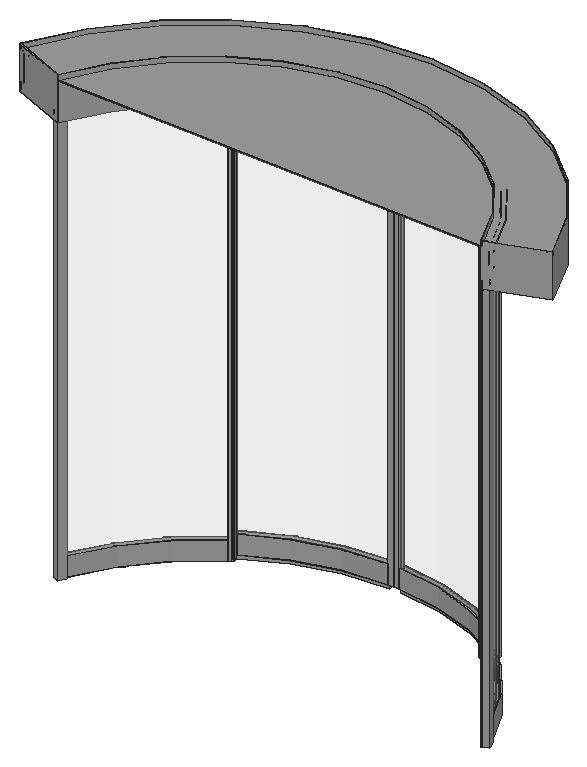
Revit family "agtatec_Record_SldngDrset_RST-ABST-IBST_Wall Based", category Doors, host Wall, Revit 2015 (continued)
Definition of nested family "RST - Generic"
  Automatic sketch dimensions
    Revolve 15 sketch curve to plane 13 "Passage Height" = 0.00 mm  (x2)
    Revolve 15 sketch curve to plane 4 = 0.00 mm
    plane 13 "Passage Height" to Revolve 15 sketch curve = 2.00 mm
    Revolve 15 sketch curve to plane 4 = 91.80 mm
    Revolve 15 sketch curve to plane 4 = 54.318 mm
    Revolve 15 sketch curve to plane 4 = 54.30 mm
    Revolve 15 sketch curve to Revolve 15 sketch curve = 17.012 mm
    Revolve 15 sketch curve to Revolve 15 sketch curve = 16.994 mm
    Revolve 15 sketch curve to Revolve 15 sketch curve = 0.025 mm
    Revolve 15 sketch curve to plane 4 = 37.00 mm
    Revolve 15 sketch curve to Revolve 15 sketch curve = 4.00 mm  (x2)
    Revolve 15 sketch curve to Revolve 15 sketch curve = 4.506 mm
    Revolve 15 sketch curve to Revolve 15 sketch curve = 2.184 mm
    Revolve 15 sketch curve to Revolve 15 sketch curve = 3.00 mm  (x2)
    Revolve 15 sketch curve to plane 4 = 2.00 mm  (x2)
    plane 13 "Passage Height" to Revolve 15 sketch curve = 26.00 mm
    Revolve 15 sketch curve to Revolve 15 sketch curve = 18.00 mm
    Revolve 15 sketch curve to Revolve 15 sketch curve = 0.705 mm
    Revolve 15 sketch curve to Revolve 15 sketch curve = 6.00 mm
    Revolve 15 sketch curve to Revolve 15 sketch curve = 14.487 mm
    Revolve 15 sketch curve to Revolve 15 sketch curve = 42.323 mm
    Revolve 15 sketch curve to Revolve 15 sketch curve = 8.49 mm
    Revolve 15 sketch curve to Revolve 15 sketch curve = 5.974 mm  (x2)
    Revolve 15 sketch curve to Revolve 15 sketch curve = 18.474 mm
    Revolve 15 sketch curve to Revolve 15 sketch curve = 0.00 mm
    plane 1 "Center (Front/Back)" to Sweep 16 sketch curve = 0.00 mm
    Sweep 16 sketch curve to profile plane = 0.00 mm  (x2)
    profile plane to Sweep 16 sketch curve = 2.00 mm  (x2)
    Sweep 16 sketch curve to Sweep 16 sketch curve = 23.80 mm
    profile plane to Sweep 16 sketch curve = 50.00 mm
    plane 1 "Center (Front/Back)" to Extrusion 33 sketch curve = 0.00 mm
    Extrusion 33 sketch curve to plane 3 "Center (Left/Right)" = 0.00 mm
  Nested families
    nested 1: "Panels" at (0, 0, 0), type "Default"
      with RightProfile30mm no, RightProfile20mm no, Right no, LeftProfile30mm yes, LeftProfile20mm no, Left yes
    nested 2: "Panels" at (0, 0, 0) x (-1, 0, 0) z (0, 0, 1), type "Default"
      with RightProfile30mm yes, RightProfile20mm no, Right yes, LeftProfile30mm no, LeftProfile20mm no, Left no
    nested 3: "Panels" at (0, 0, 0), visible <- "RST360", type "Default"
      with RightProfile30mm no, RightProfile20mm no, Right no, LeftProfile30mm yes, LeftProfile20mm no, Left yes
    nested 4: "Panels" at (0, 0, 0) x (-1, 0, 0) z (0, 0, 1), visible <- "RST360", type "Default"
      with RightProfile30mm yes, RightProfile20mm no, Right yes, LeftProfile30mm no, LeftProfile20mm no, Left no
  Definition of nested family "Panels"
    Parameters
      WithoutSidePanels = not(WithSidePanels)  # no
      WithSidePanels = yes
      WTF = W + StopAngle  # 34.6706°
      W = 32.9207°
      UnderStructure = yes
      StopAngle = if(Panel20mm, (atan(20.00 mm / SidePanelRadius)), (atan(30.00 mm / SidePanelRadius)))  # 1.74984°
      SidePanelRadius = if(Panel20mm, (STRadius - 13.00 mm), (STRadius - 18.00 mm))  # 982.00 mm
      SidePanelOutsideProfile30mm = and(Panel30mm, Outside, WithSidePanels)  # yes
      SidePanelOutsideProfile20mm = and(Panel20mm, Outside, WithSidePanels)  # no
      SidePanelInsideProfile30mm = and(Panel30mm, Inside, WithSidePanels)  # no
      SidePanelInsideProfile20mm = and(Panel20mm, Inside, WithSidePanels)  # no
      SidePanelCentralProfiles30mm = and(Panel30mm, WithSidePanels)  # yes
      SidePanelCentralProfiles20mm = and(Panel20mm, WithSidePanels)  # no
      SidePanelAngle = SW - (if(Panel20mm, (atan(25.00 mm / SidePanelRadius)), (atan(40.00 mm / SidePanelRadius)))) - StopAngle  # 33.3321°
      SW = 37.4145°
      STRadius = 1000.00 mm
      RightProfile30mm [instance] = and(Panel30mm, Right)  # no
      RightProfile20mm [instance] = and(Panel20mm, Right)  # no
      Right [instance] = no
      PassageHeight = 2100.00 mm
      PanelFrames = none
      Panel30mm = not(Panel20mm)  # yes
      Panel20mm = no
      OutsideProfile30mm = and(Panel30mm, Outside)  # yes
      OutsideProfile20mm = and(Panel20mm, Outside)  # no
      OutsideMountingProfile17mm = and(WithoutSidePanels, Outside, MountingProfile17mm)  # no
      Outside = yes
      OpeningRotationAngle = if(OpenDoor, (W - JointAngle), JointAngle)  # 1.54965°
      OpenablePanelRadius = if(and(Inside, Panel20mm), (STRadius - 53.00 mm), if(and(Inside, Panel30mm), (STRadius - 68.00 mm), if(and(Outside, Panel20mm), (STRadius + 30.00 mm), if(and(Outside, Panel30mm), (STRadius + 35.00 mm), 1200.00 mm))))  # 1035.00 mm
      OpenablePanelAngle = W - JointAngle  # 31.3711°
      OpenDoor = no
      MountingProfile39mm = not(MountingProfile17mm)  # no
      MountingProfile17mm = yes
      LeftProfile30mm [instance] = and(Panel30mm, Left)  # yes
      LeftProfile20mm [instance] = and(Panel20mm, Left)  # no
      Left [instance] = yes
      LeafPanelFill = none
      JointAngle = if(Panel20mm, (atan(17.00 mm / OpenablePanelRadius)), (atan(28.00 mm / OpenablePanelRadius)))  # 1.54965°
      InsideProfile30mm = and(Panel30mm, Inside)  # no
      InsideProfile20mm = and(Panel20mm, Inside)  # no
      InsideMountingProfile39mm = and(WithoutSidePanels, Inside, MountingProfile39mm)  # no
      InsideMountingProfile17mm = and(WithoutSidePanels, Inside, MountingProfile17mm)  # no
      Inside = not(Outside)  # no
      FloorGuide = no
      FloorChannel = no
      Analytic Construction = "<None>"
    Reference planes
      plane 1 "Center (Front/Back)": y = 0
      plane 2: z = 0
      plane 3 "Center (Left/Right)": x = 0
      plane 4 "Top Plane": z = 2100
      plane 5: z = 2150
      plane 6 "T": z = 5
    Forms (mm)
      Sweep 1, solid, material <- "PanelFrames", visible <- "Panel20mm"
        path origin (0, 0, 0) x (1, 0, 0) y (0, 1, 0)
          loop
            arc (-27.99, 1034.621) -> (-306.665, 988.525) -> (-562.5, 868.803) r 1035
        profile origin (-306.665, 988.525, 0) x (0.296295, -0.955097, 0) y (0, 0, 1)
          loop
            line (7, 29) -> (7, 5) -> (10, 5) -> (10, 78) -> (7, 78) -> (7, 44) -> (-7, 44) -> (-7, 78) -> (-10, 78) -> (-10, 5) -> (-7, 5) -> (-7, 29) -> (-4.35, 29) -> (-4.35, 40) -> (4.35, 40) -> (4.35, 29) -> (7, 29)
          loop
            line (6.825, 28.6) -> (-6.825, 28.6) -> (-6.825, -16.4) -> (6.825, -16.4) -> (6.825, 28.6)
      Sweep 2, solid, material <- "PanelFrames", visible <- "Panel20mm"
        path origin (0, 0, 2100) x (-1, 0, 0) y (0, -1, 0)
          loop
            arc (27.99, -1034.621) -> (306.665, -988.525) -> (562.5, -868.803) r 1035
        profile origin (-306.665, 988.525, 2100) x (0.296295, -0.955097, 0) y (0, 0, 1)
          loop
            line (6.5, 34) -> (6.5, 0) -> (10, 0) -> (10, 50) -> (4.35, 50) -> (4.35, 38) -> (-4.35, 38) -> (-4.35, 50) -> (-10, 50) -> (-10, 0) -> (-6.5, 0) -> (-6.5, 34) -> (6.5, 34)
      Sweep 3, solid, material <- "PanelFrames", visible <- "OutsideProfile20mm"
        path origin (-562.5, 868.803, 0) x (0, 0, 1) y (0.839423, 0.543478, 0)
          loop
            line (5, 0) -> (2150, 0)
        profile origin (-562.5, 868.803, 1077.5) x (0.839423, 0.543478, 0) y (-0.543478, 0.839423, 0)
          loop
            line (-7, -7) -> (-7, 7) -> (0, 7) -> (0, 10) -> (-20, 10) -> (-20, -7) -> (-21.945, -22.264)
            arc (-21.945, -22.264) -> (-21.14, -23.363) -> (-20.001, -22.618) r 0.99
            line (-20.001, -22.618) -> (-17.65, -12.7) -> (-14.95, -12.7) -> (-14.95, -10) -> (0, -10) -> (0, -7) -> (-7, -7)
      Sweep 4, solid, material <- "PanelFrames", visible <- "LeftProfile20mm"
        path origin (-27.99, 1034.621, 0) x (-0.027043, 0.999634, 0) y (0, 0, 1)
          loop
            line (0, 5) -> (0, 2150)
        profile origin (-27.99, 1034.621, 1077.5) x (0.027043, -0.999634, 0) y (0.999634, 0.027043, 0)
          loop
            line (-10, 17) -> (-10, 0) -> (-7, 0) -> (-7, 7) -> (7, 7) -> (7, 0) -> (10, 0) -> (10, 17) -> (3, 17) -> (2.33, 19.5) -> (1.33, 19.5) -> (-0.01, 14.5) -> (-3.51, 14.5) -> (-3.51, 17) -> (-10, 17)
      Sweep 5, solid, material <- "PanelFrames", visible <- "RightProfile20mm"
        path origin (-27.99, 1034.621, 0) x (-0.027043, 0.999634, 0) y (0, 0, 1)
          loop
            line (0, 5) -> (0, 2150)
        profile origin (-27.99, 1034.621, 1077.5) x (0.027043, -0.999634, 0) y (0.999634, 0.027043, 0)
          loop
            line (10, 17) -> (3.51, 17) -> (3.51, 14.5) -> (0.01, 14.5) -> (-1.33, 19.5) -> (-2.33, 19.5) -> (-3, 17) -> (-10, 17) -> (-10, 0) -> (-7, 0) -> (-7, 7) -> (7, 7) -> (7, 0) -> (10, 0) -> (10, 17)
      Sweep 6, solid, material <- "PanelFrames", visible <- "InsideProfile20mm"
        path origin (-562.5, 868.803, 0) x (0, 0, 1) y (0.839423, 0.543478, 0)
          loop
            line (5, 0) -> (2150, 0)
        profile origin (-562.5, 868.803, 1077.5) x (0.839423, 0.543478, 0) y (-0.543478, 0.839423, 0)
          loop
            line (-7, 7) -> (0, 7) -> (0, 10) -> (-14.95, 10) -> (-14.95, 12.7) -> (-17.65, 12.7) -> (-20.001, 22.618)
            arc (-20.001, 22.618) -> (-21.14, 23.363) -> (-21.945, 22.264) r 0.99
            line (-21.945, 22.264) -> (-20, 7) -> (-20, -10) -> (0, -10) -> (0, -7) -> (-7, -7) -> (-7, 7)
      Sweep 7, solid, material <- "PanelFrames", visible <- "Panel30mm"
        path origin (0, 0, 0) x (1, 0, 0) y (0, 1, 0)
          loop
            arc (-27.99, 1034.621) -> (-306.665, 988.525) -> (-562.5, 868.803) r 1035
        profile origin (-306.665, 988.525, 0) x (0.296295, -0.955097, 0) y (0, 0, 1)
          loop
            line (-12, 5) -> (-12, 50) -> (-5, 50) -> (-5, 62) -> (5, 62) -> (5, 50) -> (12, 50) -> (12, 5) -> (15, 5) -> (15, 100) -> (12, 100) -> (12, 67) -> (-12, 67) -> (-12, 100) -> (-15, 100) -> (-15, 5) -> (-12, 5)
          loop
            line (6.825, -16.4) -> (6.825, 28.6) -> (-6.825, 28.6) -> (-6.825, -16.4) -> (6.825, -16.4)
      Sweep 8, solid, material <- "PanelFrames", visible <- "Panel30mm"
        path origin (0, 0, 2100) x (-1, 0, 0) y (0, -1, 0)
          loop
            arc (27.99, -1034.621) -> (306.665, -988.525) -> (562.5, -868.803) r 1035
        profile origin (-306.665, 988.525, 2100) x (0.296295, -0.955097, 0) y (0, 0, 1)
          loop
            line (-12, 33) -> (12, 33) -> (12, 0) -> (15, 0) -> (15, 50) -> (4.5, 50) -> (4.5, 37) -> (-4.5, 37) -> (-4.5, 50) -> (-15, 50) -> (-15, 0) -> (-12, 0) -> (-12, 33)
      Sweep 9, solid, material <- "PanelFrames", visible <- "RightProfile30mm"
        path origin (-27.99, 1034.621, 0) x (-0.027043, 0.999634, 0) y (0, 0, 1)
          loop
            line (0, 5) -> (0, 2150)
        profile origin (-27.99, 1034.621, 1077.5) x (0.027043, -0.999634, 0) y (0.999634, 0.027043, 0)
          loop
            line (-15, 0) -> (-12, 0) -> (-12, 15) -> (12, 15) -> (12, 0) -> (15, 0) -> (15, 28) -> (7.56, 28) -> (6.16, 25) -> (0.5, 25) -> (-2.3, 31) -> (-3.6, 31) -> (-5, 28) -> (-15, 28) -> (-15, 0)
      Sweep 10, solid, material <- "PanelFrames", visible <- "LeftProfile30mm"
        path origin (-27.99, 1034.621, 0) x (-0.027043, 0.999634, 0) y (0, 0, 1)
          loop
            line (0, 5) -> (0, 2150)
        profile origin (-27.99, 1034.621, 1077.5) x (0.027043, -0.999634, 0) y (0.999634, 0.027043, 0)
          loop
            line (-15, 0) -> (-12, 0) -> (-12, 15) -> (12, 15) -> (12, 0) -> (15, 0) -> (15, 28) -> (5, 28) -> (3.6, 31) -> (2.3, 31) -> (-0.5, 25) -> (-6.16, 25) -> (-7.56, 28) -> (-15, 28) -> (-15, 0)
      Sweep 11, solid, material <- "LeafPanelFill", visible <- "Panel20mm"
        path origin (0, 0, 0) x (1, 0, 0) y (0, 1, 0)
          loop
            arc (-22.991, 1034.745) -> (-306.665, 988.525) -> (-566.691, 866.076) r 1035
        profile origin (-306.665, 988.525, 0) x (0.296295, -0.955097, 0) y (0, 0, 1)
          loop
            line (-5, 52) -> (5, 52) -> (5, 2126) -> (-5, 2126) -> (-5, 52)
      Sweep 12, solid, material <- "LeafPanelFill", visible <- "Panel30mm"
        path origin (0, 0, 0) x (1, 0, 0) y (0, 1, 0)
          loop
            arc (-14.992, 1034.891) -> (-306.665, 988.525) -> (-573.368, 861.669) r 1035
        profile origin (-306.665, 988.525, 0) x (0.296295, -0.955097, 0) y (0, 0, 1)
          loop
            line (4, 75) -> (10, 75) -> (10, 2125) -> (4, 2125) -> (4, 75)
          loop
            line (-4, 75) -> (-4, 2125) -> (-10, 2125) -> (-10, 75) -> (-4, 75)
      Sweep 13, solid, material <- "PanelFrames", visible <- "InsideProfile30mm"
        path origin (-562.5, 868.803, 0) x (0, 0, 1) y (-0.543478, 0.839423, 0)
          loop
            line (5, 0) -> (2150, 0)
        profile origin (-562.5, 868.803, 1077.5) x (-0.543478, 0.839423, 0) y (-0.839423, -0.543478, 0)
          loop
            line (15, 0) -> (15, 25) -> (26, 25)
            arc (26, 25) -> (26.961, 25.901) -> (26.123, 26.918) r 0.963
            line (26.123, 26.918) -> (15, 28.35) -> (15, 30) -> (-15, 30) -> (-15, 0) -> (-12, 0) -> (-12, 15) -> (12, 15) -> (12, 0) -> (15, 0)
      Sweep 14, solid, material <- "PanelFrames", visible <- "OutsideProfile30mm"
        path origin (-562.5, 868.803, 0) x (0, 0, 1) y (-0.543478, 0.839423, 0)
          loop
            line (5, 0) -> (2144, 0)
        profile origin (-562.5, 868.803, 1074.5) x (-0.543478, 0.839423, 0) y (-0.839423, -0.543478, 0)
          loop
            line (-15, 0) -> (-12, 0) -> (-12, 15) -> (12, 15) -> (12, 0) -> (15, 0) -> (15, 30) -> (-15, 30) -> (-15, 28.35) -> (-26.123, 26.918)
            arc (-26.123, 26.918) -> (-26.961, 25.901) -> (-26, 25) r 0.963
            line (-26, 25) -> (-15, 25) -> (-15, 0)
      Sweep 15, solid, material <- "PanelFrames", visible <- "SidePanelCentralProfiles20mm"
        path origin (0, 0, 0) x (0, 1, 0) y (-1, 0, 0)
          loop
            arc (807.632, 558.618) -> (613.498, 766.775) -> (367.821, 910.512) r 982
        profile origin (-766.775, 613.498, 0) x (0.78083, -0.624743, 0) y (0, 0, 1)
          loop
            line (7, 29) -> (7, 5) -> (10, 5) -> (10, 78) -> (7, 78) -> (7, 44) -> (-7, 44) -> (-7, 78) -> (-10, 78) -> (-10, 5) -> (-7, 5) -> (-7, 29) -> (-4.35, 29) -> (-4.35, 40) -> (4.35, 40) -> (4.35, 29) -> (7, 29)
      Sweep 16, solid, material <- "PanelFrames", visible <- "SidePanelCentralProfiles20mm"
        path origin (0, 0, 2100) x (0, -1, 0) y (1, 0, 0)
          loop
            arc (-807.632, -558.618) -> (-613.498, -766.775) -> (-367.821, -910.512) r 982
        profile origin (-766.775, 613.498, 2100) x (0.78083, -0.624743, 0) y (0, 0, 1)
          loop
            line (6.5, 28) -> (6.5, 0) -> (10, 0) -> (10, 44) -> (4.35, 44) -> (4.35, 32) -> (-4.35, 32) -> (-4.35, 44) -> (-10, 44) -> (-10, 0) -> (-6.5, 0) -> (-6.5, 28) -> (6.5, 28)
      Sweep 17, solid, material <- "PanelFrames", visible <- "SidePanelCentralProfiles20mm"
        path origin (-910.512, 367.821, 0) x (0, 0, 1) y (0.374563, 0.927202, 0)
          loop
            line (5, 0) -> (2144, 0)
        profile origin (-910.512, 367.821, 1074.5) x (0.374563, 0.927202, 0) y (-0.927202, 0.374563, 0)
          loop
            line (-7, -7) -> (-7, 7) -> (0, 7) -> (0, 10) -> (-15, 10) -> (-15, 5) -> (-9, 5) -> (-9, -5) -> (-15, -5) -> (-15, -10) -> (0, -10) -> (0, -7) -> (-7, -7)
      Sweep 18, solid, material <- "PanelFrames", visible <- "SidePanelCentralProfiles20mm"
        path origin (-558.618, 807.632, 0) x (-0.568857, 0.822436, 0) y (0, 0, 1)
          loop
            line (0, 5) -> (0, 2144)
        profile origin (-558.618, 807.632, 1074.5) x (0.568857, -0.822436, 0) y (0.822436, 0.568857, 0)
          loop
            line (-10, 15) -> (-10, 0) -> (-7, 0) -> (-7, 7) -> (7, 7) -> (7, 0) -> (10, 0) -> (10, 15) -> (5, 15) -> (5, 9) -> (-5, 9) -> (-5, 15) -> (-10, 15)
      Sweep 19, solid, material <- "PanelFrames", visible <- "SidePanelInsideProfile20mm"
        path origin (-558.618, 807.632, 0) x (-0.568857, 0.822436, 0) y (0, 0, 1)
          loop
            line (0, 5) -> (0, 2144)
        profile origin (-558.618, 807.632, 1074.5) x (0.568857, -0.822436, 0) y (0.822436, 0.568857, 0)
          loop
            line (10, 15) -> (10, 0) -> (11.7, 0) -> (11.7, 2) -> (19.358, 1) -> (27, 2) -> (27, 20) -> (-10, 20) -> (-10, 15) -> (10, 15)
      Sweep 20, solid, material <- "PanelFrames", visible <- "SidePanelCentralProfiles20mm"
        path origin (-910.512, 367.821, 0) x (0, 0, 1) y (0.374563, 0.927202, 0)
          loop
            line (0, 0) -> (2100, 0)
        profile origin (-910.512, 367.821, 1050) x (0.374563, 0.927202, 0) y (-0.927202, 0.374563, 0)
          loop
            line (-25, 12.5) -> (-25, -12.5) -> (0, -12.5) -> (0, -10.5) -> (-23, -10.5) -> (-23, 10.5) -> (0, 10.5) -> (0, 12.5) -> (-25, 12.5)
      Sweep 21, solid, material <- "LeafPanelFill", visible <- "SidePanelCentralProfiles20mm"
        path origin (0, 0, 0) x (0, 1, 0) y (-1, 0, 0)
          loop
            arc (810.466, 554.498) -> (613.498, 766.775) -> (363.18, 912.373) r 982
        profile origin (-766.775, 613.498, 0) x (0.78083, -0.624743, 0) y (0, 0, 1)
          loop
            line (-5, 52) -> (5, 52) -> (5, 2126) -> (-5, 2126) -> (-5, 52)
      Sweep 22, solid, material <- "PanelFrames", visible <- "SidePanelOutsideProfile20mm"
        path origin (-558.618, 807.632, 0) x (-0.568857, 0.822436, 0) y (0, 0, 1)
          loop
            line (0, 5) -> (0, 2144)
        profile origin (-558.618, 807.632, 1074.5) x (0.568857, -0.822436, 0) y (0.822436, 0.568857, 0)
          loop
            line (-10, 15) -> (10, 15) -> (10, 20) -> (-27, 20) -> (-27, 2) -> (-19.358, 1) -> (-11.7, 2) -> (-11.7, 0) -> (-10, 0) -> (-10, 15)
      Sweep 23, solid, material <- "PanelFrames", visible <- "SidePanelCentralProfiles30mm"
        path origin (0, 0, 0) x (0, 1, 0) y (-1, 0, 0)
          loop
            arc (807.632, 558.618) -> (613.498, 766.775) -> (367.821, 910.512) r 982
        profile origin (-766.775, 613.498, 0) x (0.78083, -0.624743, 0) y (0, 0, 1)
          loop
            line (12, 50) -> (12, 5) -> (15, 5) -> (15, 100) -> (12, 100) -> (12, 67) -> (-12, 67) -> (-12, 100) -> (-15, 100) -> (-15, 5) -> (-12, 5) -> (-12, 50) -> (-4.35, 50) -> (-4.35, 62) -> (4.35, 62) -> (4.35, 50) -> (12, 50)
      Sweep 24, solid, material <- "PanelFrames", visible <- "SidePanelCentralProfiles30mm"
        path origin (0, 0, 2100) x (0, -1, 0) y (1, 0, 0)
          loop
            arc (-807.632, -558.618) -> (-613.498, -766.775) -> (-367.821, -910.512) r 982
        profile origin (-766.775, 613.498, 2100) x (0.78083, -0.624743, 0) y (0, 0, 1)
          loop
            line (12, 27) -> (12, 0) -> (15, 0) -> (15, 44) -> (4.5, 44) -> (4.5, 32) -> (-4.5, 32) -> (-4.5, 44) -> (-15, 44) -> (-15, 0) -> (-12, 0) -> (-12, 27) -> (12, 27)
      Sweep 25, solid, material <- "PanelFrames", visible <- "SidePanelCentralProfiles30mm"
        path origin (-910.512, 367.821, 5) x (0, 0, 1) y (0.374563, 0.927202, 0)
          loop
            line (0, 0) -> (2139, 0)
        profile origin (-910.512, 367.821, 1074.5) x (0.374563, 0.927202, 0) y (-0.927202, 0.374563, 0)
          loop
            line (-15, -12) -> (-15, 12) -> (0, 12) -> (0, 15) -> (-25, 15) -> (-25, 8) -> (-18, 8) -> (-18, -8) -> (-25, -8) -> (-25, -15) -> (0, -15) -> (0, -12) -> (-15, -12)
      Sweep 26, solid, material <- "PanelFrames", visible <- "SidePanelCentralProfiles30mm"
        path origin (-558.618, 807.632, 0) x (-0.568857, 0.822436, 0) y (0, 0, 1)
          loop
            line (0, 5) -> (0, 2144)
        profile origin (-558.618, 807.632, 1074.5) x (0.568857, -0.822436, 0) y (0.822436, 0.568857, 0)
          loop
            line (-15, 25) -> (-15, 0) -> (-12, 0) -> (-12, 15) -> (12, 15) -> (12, 0) -> (15, 0) -> (15, 25) -> (8, 25) -> (8, 18) -> (-8, 18) -> (-8, 25) -> (-15, 25)
      Sweep 27, solid, material <- "PanelFrames", visible <- "SidePanelInsideProfile30mm"
        path origin (-558.618, 807.632, 0) x (-0.568857, 0.822436, 0) y (0, 0, 1)
          loop
            line (0, 5) -> (0, 2144)
        profile origin (-558.618, 807.632, 1074.5) x (0.568857, -0.822436, 0) y (0.822436, 0.568857, 0)
          loop
            line (15, 25) -> (15, 0) -> (16.75, 0) -> (16.75, 5.001) -> (32, 5.143) -> (32, 30) -> (-15, 30) -> (-15, 25) -> (15, 25)
      Sweep 28, solid, material <- "PanelFrames", visible <- "SidePanelCentralProfiles30mm"
        path origin (-910.512, 367.821, 5) x (0, 0, 1) y (0.374563, 0.927202, 0)
          loop
            line (-5, 0) -> (2095, 0)
        profile origin (-910.512, 367.821, 1050) x (0.374563, 0.927202, 0) y (-0.927202, 0.374563, 0)
          loop
            line (-40, 17.85) -> (-40, -20.15) -> (0, -20.15) -> (0, -17.15) -> (-37, -17.15) -> (-37, 15.85) -> (0, 15.85) -> (0, 17.85) -> (-40, 17.85)
      Sweep 29, solid, material <- "LeafPanelFill", visible <- "SidePanelCentralProfiles30mm"
        path origin (0, 0, 0) x (0, 1, 0) y (-1, 0, 0)
          loop
            arc (810.466, 554.498) -> (613.498, 766.775) -> (363.18, 912.373) r 982
        profile origin (-766.775, 613.498, 0) x (0.78083, -0.624743, 0) y (0, 0, 1)
          loop
            line (-9, 75) -> (-4, 75) -> (-4, 2125) -> (-9, 2125) -> (-9, 75)
          loop
            line (4, 75) -> (9, 75) -> (9, 2125) -> (4, 2125) -> (4, 75)
      Sweep 30, solid, material <- "PanelFrames", visible <- "SidePanelOutsideProfile30mm"
        path origin (-558.618, 807.632, 0) x (-0.568857, 0.822436, 0) y (0, 0, 1)
          loop
            line (0, 5) -> (0, 2144)
        profile origin (-558.618, 807.632, 1074.5) x (0.568857, -0.822436, 0) y (0.822436, 0.568857, 0)
          loop
            line (-15, 25) -> (15, 25) -> (15, 30) -> (-32, 30) -> (-32, 4.546) -> (-16.75, 4.688) -> (-16.75, 0) -> (-15, 0) -> (-15, 25)
      Sweep 31, solid, material <- "PanelFrames", visible <- "InsideMountingProfile17mm"
        path origin (-558.618, 807.632, 0) x (-0.568857, 0.822436, 0) y (0, 0, 1)
          loop
            line (0, 0) -> (0, 2100)
        profile origin (-558.618, 807.632, 1050) x (0.568857, -0.822436, 0) y (0.822436, 0.568857, 0)
          loop
            line (19.358, 1) -> (27, 2) -> (27, 20) -> (10, 20) -> (10, -20) -> (11.7, -20) -> (11.7, 2) -> (19.358, 1)
      Sweep 32, solid, material <- "PanelFrames", visible <- "OutsideMountingProfile17mm"
        path origin (-558.618, 807.632, 0) x (-0.568857, 0.822436, 0) y (0, 0, 1)
          loop
            line (0, 0) -> (0, 2100)
        profile origin (-558.618, 807.632, 1050) x (0.568857, -0.822436, 0) y (0.822436, 0.568857, 0)
          loop
            line (-19.358, 1) -> (-11.7, 2) -> (-11.7, -20) -> (-10, -20) -> (-10, 20) -> (-27, 20) -> (-27, 2) -> (-19.358, 1)
      Sweep 33, solid, material <- "PanelFrames", visible <- "InsideMountingProfile39mm"
        path origin (-558.618, 807.632, 0) x (-0.568857, 0.822436, 0) y (0, 0, 1)
          loop
            line (0, 0) -> (0, 2100)
        profile origin (-558.618, 807.632, 1050) x (0.568857, -0.822436, 0) y (0.822436, 0.568857, 0)
          loop
            line (19.358, 1) -> (27, 2) -> (27, 20) -> (-12, 20) -> (-12, 14) -> (-10.015, 12.971) -> (-10.015, 0.971) -> (-12, -0.021) -> (-12, -20) -> (-9.3, -20) -> (-9.3, 0) -> (11.7, 0) -> (11.7, 2) -> (19.358, 1)
      Sweep 34, solid, material <- "PanelFrames", visible <- "WithSidePanels"
        path origin (0, 0, 0) x (1, 0, 0) y (0, 1, 0)
          loop
            arc (-558.618, 807.632) -> (-766.775, 613.498) -> (-910.512, 367.821) r 982
        profile origin (-766.775, 613.498, 0) x (0.78083, -0.624743, 0) y (0, 0, 1)
          loop
            line (-10, 0) -> (10, 0) -> (10, 2.5) -> (6, 2.5) -> (6, 25) -> (-6, 25) -> (-6, 2.5) -> (-10, 2.5) -> (-10, 0)
      Sweep 35, solid, material <- "PanelFrames", visible <- "FloorGuide"
        path origin (0, 0, 0) x (1, 0, 0) y (0, 1, 0)
          loop
            arc (-27.99, 1034.621) -> (-306.665, 988.525) -> (-562.5, 868.803) r 1035
        profile origin (-306.665, 988.525, 0) x (0.296295, -0.955097, 0) y (0, 0, 1)
          loop
            line (10, 0) -> (10, 4) -> (6, 4) -> (6, 25) -> (-6, 25) -> (-6, 4) -> (-10, 4) -> (-10, 0) -> (10, 0)
      Sweep 36, solid, material <- "PanelFrames", visible <- "FloorChannel"
        path origin (0, 0, 0) x (1, 0, 0) y (0, 1, 0)
          loop
            arc (0, 1035) -> (-578.785, 858.04) -> (-959.654, 387.673) r 1035
        profile origin (-578.785, 858.04, 0) x (0.559212, -0.829024, 0) y (0, 0, 1)
          loop
            arc (5, -30) -> (7.828, -28.828) -> (9, -26) r 4
            line (9, -26) -> (9, 0) -> (7, 0) -> (7, -26)
            arc (7, -26) -> (6.414, -27.414) -> (5, -28) r 2
            line (5, -28) -> (-5, -28)
            arc (-5, -28) -> (-6.414, -27.414) -> (-7, -26) r 2
            line (-7, -26) -> (-7, 0) -> (-9, 0) -> (-9, -26)
            arc (-9, -26) -> (-7.828, -28.828) -> (-5, -30) r 4
            line (-5, -30) -> (5, -30)
      Sweep 37, solid, material <- "PanelFrames", visible <- "UnderStructure"
        path origin (0, 0, 0) x (1, 0, 0) y (0, 1, 0)
          loop
            arc (0, 1035) -> (-578.785, 858.04) -> (-959.654, 387.673) r 1035
        profile origin (-578.785, 858.04, 0) x (0.559212, -0.829024, 0) y (0, 0, 1)
          loop
            line (7, 0) -> (7, -29)
            arc (7, -29) -> (6.414, -30.414) -> (5, -31) r 2
            line (5, -31) -> (-7, -31) -> (-7, 0) -> (-47, 0) -> (-47, -31) -> (-24, -31) -> (-24, -33) -> (5, -33)
            arc (5, -33) -> (7.828, -31.828) -> (9, -29) r 4
            line (9, -29) -> (9, 0) -> (7, 0)
    Lines and regions (mm)
      Masking region 1, visible <- "Panel20mm"
        outline origin (0, 0, 0) x (-0.543478, 0.839423, 0) y (-0.839423, -0.543478, 0)
          loop
            line (875.159, -533.593) -> (892.235, -544.005)
            arc (892.235, -544.005) -> (1006.084, -282.524) -> (1045, 0) r 1045
            line (1045, 0) -> (1025, 0)
            arc (1025, 0) -> (986.829, -277.116) -> (875.159, -533.593) r 1025
      Masking region 2, visible <- "InsideProfile20mm"
        outline origin (0, 0, 0) x (-0.543478, 0.839423, 0) y (-0.839423, -0.543478, 0)
          loop
            line (1057.264, 21.945) -> (1042, 20) -> (1025, 20) -> (1025, 0) -> (1045, 0) -> (1045, 14.95) -> (1047.7, 14.95) -> (1047.7, 17.65) -> (1057.618, 20.001)
            arc (1057.618, 20.001) -> (1058.363, 21.14) -> (1057.264, 21.945) r 0.99
      Masking region 3, visible <- "OutsideProfile20mm"
        outline origin (0, 0, 0) x (-0.543478, 0.839423, 0) y (-0.839423, -0.543478, 0)
          loop
            line (1012.382, 20.001) -> (1022.3, 17.65) -> (1022.3, 14.95) -> (1025, 14.95) -> (1025, 0) -> (1045, 0) -> (1045, 20) -> (1028, 20) -> (1012.736, 21.945)
            arc (1012.736, 21.945) -> (1011.637, 21.14) -> (1012.382, 20.001) r 0.99
      Masking region 4, visible <- "RightProfile20mm"
        outline origin (0, 0, 0) x (-0.543478, 0.839423, 0) y (-0.839423, -0.543478, 0)
          loop
            line (875.159, -533.593) -> (866.309, -548.108) -> (871.85, -551.487) -> (873.152, -549.352) -> (876.14, -551.174) -> (874.681, -556.141) -> (875.535, -556.661) -> (877.409, -554.876) -> (883.385, -558.52) -> (892.235, -544.005) -> (875.159, -533.593)
      Masking region 5, visible <- "LeftProfile20mm"
        outline origin (0, 0, 0) x (-0.543478, 0.839423, 0) y (-0.839423, -0.543478, 0)
          loop
            line (872.286, -551.752) -> (871.556, -554.235) -> (872.41, -554.756) -> (876.157, -551.185) -> (879.146, -553.007) -> (877.844, -555.141) -> (883.385, -558.52) -> (892.235, -544.005) -> (875.159, -533.593) -> (866.309, -548.108) -> (872.286, -551.752)
      Masking region 6, visible <- "Panel30mm"
        outline origin (-562.5, 868.803, 5) x (0.543478, -0.839423, 0) y (0.839423, 0.543478, 0)
          loop
            line (164.11, 530.99) -> (138.496, 546.608)
            arc (138.496, 546.608) -> (24.102, 283.875) -> (-15, 0) r 1050
            line (-15, 0) -> (15, 0)
            arc (15, 0) -> (52.985, 275.765) -> (164.11, 530.99) r 1020
      Masking region 7, visible <- "InsideProfile30mm"
        outline origin (-562.5, 868.803, 5) x (0.543478, -0.839423, 0) y (0.839423, 0.543478, 0)
          loop
            line (-26.123, -26.918) -> (-15, -28.35) -> (-15, -30) -> (15, -30) -> (15, 0) -> (-15, 0) -> (-15, -25) -> (-26, -25)
            arc (-26, -25) -> (-26.961, -25.901) -> (-26.123, -26.918) r 0.963
      Masking region 8, visible <- "OutsideProfile30mm"
        outline origin (-562.5, 868.803, 5) x (0.543478, -0.839423, 0) y (0.839423, 0.543478, 0)
          loop
            line (15, -28.35) -> (26.123, -26.918)
            arc (26.123, -26.918) -> (26.961, -25.901) -> (26, -25) r 0.963
            line (26, -25) -> (15, -25) -> (15, 0) -> (-15, 0) -> (-15, -30) -> (15, -30) -> (15, -28.35)
      Masking region 9, visible <- "RightProfile30mm"
        outline origin (-562.5, 868.803, 5) x (0.543478, -0.839423, 0) y (0.839423, 0.543478, 0)
          loop
            line (164.744, 559.884) -> (165.477, 566.465) -> (164.367, 567.141) -> (161.61, 565.309) -> (153.072, 570.514) -> (138.496, 546.608) -> (164.11, 530.99) -> (178.686, 554.897) -> (172.334, 558.77) -> (169.577, 556.938) -> (164.744, 559.884)
      Masking region 10, visible <- "LeftProfile30mm"
        outline origin (-562.5, 868.803, 5) x (0.543478, -0.839423, 0) y (0.839423, 0.543478, 0)
          loop
            line (170.148, 560.103) -> (170.515, 563.393) -> (169.405, 564.07) -> (163.89, 560.405) -> (159.058, 563.351) -> (159.424, 566.641) -> (153.072, 570.514) -> (138.496, 546.608) -> (164.11, 530.99) -> (178.686, 554.897) -> (170.148, 560.103)
      Masking region 11, visible <- "SidePanelCentralProfiles20mm"
        outline origin (-910.512, 367.821, 0) x (0.927202, -0.374563, 0) y (0.374563, 0.927202, 0)
          loop
            line (169.895, 534.106) -> (153.185, 545.096)
            arc (153.185, 545.096) -> (31.671, 284.499) -> (-10, 0) r 992
            line (-10, 0) -> (10, 0)
            arc (10, 0) -> (50.831, 278.763) -> (169.895, 534.106) r 972
      Masking region 12, visible <- "SidePanelCentralProfiles20mm"
        outline origin (-910.512, 367.821, 0) x (0.927202, -0.374563, 0) y (0.374563, 0.927202, 0)
          loop
            line (12.5, -25) -> (12.5, 0) -> (-12.5, 0) -> (-12.5, -25) -> (12.5, -25)
      Masking region 13, visible <- "SidePanelCentralProfiles20mm", detail levels fine
        outline origin (-910.512, 367.821, 0) x (0.927202, -0.374563, 0) y (0.374563, 0.927202, 0)
          loop
            line (-4.987, -5.025) -> (5.013, -4.975)
            arc (5.013, -4.975) -> (46.041, 280.197) -> (168.461, 541.002) r 977
            line (168.461, 541.002) -> (160.134, 546.54)
            arc (160.134, 546.54) -> (36.461, 283.065) -> (-4.987, -5.025) r 987
      Masking region 14, visible <- "SidePanelCentralProfiles20mm", detail levels medium+fine
        outline origin (-910.512, 367.821, 0) x (0.927202, -0.374563, 0) y (0.374563, 0.927202, 0)
          loop
            line (-7, -7) -> (-7, 0) -> (-10, 0) -> (-10, -15) -> (-5, -15) -> (-5, -9) -> (5, -9) -> (5, -15) -> (10, -15) -> (10, 0) -> (7, 0) -> (7, -7) -> (-7, -7)
      Masking region 15, visible <- "SidePanelCentralProfiles20mm", detail levels fine
        outline origin (-910.512, 367.821, 0) x (0.927202, -0.374563, 0) y (0.374563, 0.927202, 0)
          loop
            line (-10.5, 0) -> (-12.5, 0) -> (-12.5, -25) -> (12.5, -25) -> (12.5, 0) -> (10.5, 0) -> (10.5, -23) -> (-10.5, -23) -> (-10.5, 0)
      Masking region 16, visible <- "SidePanelInsideProfile20mm"
        outline origin (-558.618, 807.632, 0) x (0.568857, -0.822436, 0) y (0.822436, 0.568857, 0)
          loop
            line (11.7, 2) -> (19.358, 1) -> (27, 2) -> (27, 20) -> (-10, 20) -> (-10, 0) -> (10, 0) -> (11.7, 0) -> (11.7, 2)
      Masking region 17, visible <- "SidePanelOutsideProfile20mm"
        outline origin (-558.618, 807.632, 0) x (0.568857, -0.822436, 0) y (0.822436, 0.568857, 0)
          loop
            line (-27, 2) -> (-19.358, 1) -> (-11.7, 2) -> (-11.7, 0) -> (-10, 0) -> (10, 0) -> (10, 20) -> (-27, 20) -> (-27, 2)
      Masking region 18, visible <- "SidePanelCentralProfiles30mm"
        outline origin (0, 0, 5) x (-1, 0, 0) y (0, -1, 0)
          loop
            line (550.085, -795.296) -> (567.151, -819.969)
            arc (567.151, -819.969) -> (778.488, -622.869) -> (924.42, -373.439) r 997
            line (924.42, -373.439) -> (896.604, -362.202)
            arc (896.604, -362.202) -> (755.063, -604.127) -> (550.085, -795.296) r 967
      Masking region 19, visible <- "SidePanelCentralProfiles30mm"
        outline origin (0, 0, 5) x (-1, 0, 0) y (0, -1, 0)
          loop
            line (942.045, -337.419) -> (906.811, -323.185) -> (891.829, -360.273) -> (927.062, -374.507) -> (942.045, -337.419)
      Masking region 20, visible <- "SidePanelCentralProfiles30mm", detail levels fine
        outline origin (0, 0, 5) x (-1, 0, 0) y (0, -1, 0)
          loop
            arc (559.58, -817.894) -> (773.803, -619.121) -> (920.735, -366.508) r 991
            line (920.735, -366.508) -> (916.089, -364.659)
            arc (916.089, -364.659) -> (769.898, -615.997) -> (556.757, -813.768) r 986
            line (556.757, -813.768) -> (559.58, -817.894)
          loop
            arc (904.011, -359.851) -> (759.748, -607.875) -> (549.416, -803.038) r 973
            line (549.416, -803.038) -> (552.24, -807.165)
            arc (552.24, -807.165) -> (763.652, -610.999) -> (908.657, -361.701) r 978
            line (908.657, -361.701) -> (904.011, -359.851)
      Masking region 21, visible <- "SidePanelCentralProfiles30mm", detail levels medium+fine
        outline origin (0, 0, 5) x (-1, 0, 0) y (0, -1, 0)
          loop
            line (905.004, -349.418) -> (927.257, -358.407) -> (921.638, -372.315) -> (924.42, -373.439) -> (933.784, -350.259) -> (927.294, -347.637) -> (924.672, -354.128) -> (909.836, -348.135) -> (912.458, -341.644) -> (905.968, -339.022) -> (896.604, -362.202) -> (899.385, -363.326) -> (905.004, -349.418)
      Masking region 22, visible <- "SidePanelCentralProfiles30mm", detail levels fine
        outline origin (0, 0, 5) x (-1, 0, 0) y (0, -1, 0)
          loop
            line (908.469, -327.09) -> (939.067, -339.451) -> (925.208, -373.758) -> (927.062, -374.507) -> (942.045, -337.419) -> (906.811, -323.185) -> (891.829, -360.273) -> (894.61, -361.397) -> (908.469, -327.09)
      Masking region 23, visible <- "SidePanelInsideProfile30mm"
        outline origin (-558.618, 807.632, 5) x (0.568857, -0.822436, 0) y (0.822436, 0.568857, 0)
          loop
            line (16.75, 5.001) -> (32, 5.143) -> (32, 30) -> (-15, 30) -> (-15, 0) -> (15, 0) -> (16.75, 0) -> (16.75, 5.001)
      Masking region 24, visible <- "SidePanelOutsideProfile30mm"
        outline origin (-558.618, 807.632, 5) x (0.568857, -0.822436, 0) y (0.822436, 0.568857, 0)
          loop
            line (-32, 30) -> (-32, 4.546) -> (-16.75, 4.688) -> (-16.75, 0) -> (-15, 0) -> (15, 0) -> (15, 30) -> (-32, 30)
      Masking region 25, visible <- "InsideMountingProfile17mm"
        outline origin (-558.618, 807.632, 0) x (0.568857, -0.822436, 0) y (0.822436, 0.568857, 0)
          loop
            line (11.7, -20) -> (11.7, 2) -> (19.358, 1) -> (27, 2) -> (27, 20) -> (10, 20) -> (10, -20) -> (11.7, -20)
      Masking region 26, visible <- "OutsideMountingProfile17mm"
        outline origin (0, 0, 5) x (-1, 0, 0) y (0, -1, 0)
          loop
            line (580.755, -804.48) -> (547.858, -827.234) -> (557.528, -841.215) -> (572.332, -830.976) -> (568.807, -824.122) -> (563.628, -818.393) -> (581.722, -805.878) -> (580.755, -804.48)
      Masking region 27, visible <- "InsideMountingProfile39mm"
        outline origin (0, 0, 5) x (-1, 0, 0) y (0, -1, 0)
          loop
            line (580.357, -803.904) -> (563.908, -815.281) -> (551.962, -798.01) -> (550.317, -799.148) -> (546.783, -792.28) -> (541.614, -786.564) -> (526.81, -796.804) -> (548.995, -828.879) -> (553.93, -825.466) -> (553.647, -823.248) -> (563.516, -816.421) -> (565.462, -817.49) -> (581.893, -806.125) -> (580.357, -803.904)
      reference lines
        curve 1: line (0, 0, 0) -> (-562.5, 868.803, 0)
        curve 2: circle (0, 0, 0) r 1035 normal (0, 0, 1)
        curve 3: circle (0, 0, 5) r 1035 normal (0, 0, 1)
        curve 4: line (0, 0, 0) -> (-27.99, 1034.621, 0)
        curve 5: line (0, 0, 5) -> (-27.99, 1034.621, 5)
        curve 6: line (-562.5, 868.803, 5) -> (0, 0, 5)
        curve 43: line (-558.618, 807.632, 0) -> (0, 0, 0)
        curve 44: circle (0, 0, 0) r 982 normal (0, 0, 1)
        curve 45: line (-910.512, 367.821, 0) -> (0, 0, 0)
        curve 61: circle (0, 0, 5) r 982 normal (0, 0, 1)
        curve 62: line (-910.512, 367.821, 5) -> (0, 0, 5)
        curve 63: line (-558.618, 807.632, 5) -> (0, 0, 5)
      symbolic lines, visible <- "Panel20mm", detail levels medium+fine
        curve 7: line (-28.179, 1041.619, 0) -> (-21.182, 1041.808, 0)
        curve 8: line (-21.182, 1041.808, 0) -> (-20.803, 1027.813, 0)
        curve 9: line (-20.803, 1027.813, 0) -> (-27.8, 1027.624, 0)
        curve 10: line (-572.18, 870.875, 0) -> (-566.304, 874.679, 0)
        curve 11: line (-564.572, 859.123, 0) -> (-572.18, 870.875, 0)
        curve 12: line (-558.696, 862.927, 0) -> (-564.572, 859.123, 0)
        curve 17: line (-557.065, 860.409, 0) -> (-558.696, 862.927, 0)
        curve 18: line (-566.304, 874.679, 0) -> (-567.935, 877.197, 0)
        curve 19: line (-27.8, 1027.624, 0) -> (-27.719, 1024.625, 0)
        curve 20: line (-28.26, 1044.618, 0) -> (-28.179, 1041.619, 0)
        curve 21: arc (-28.179, 1041.619, 0) -> (-308.739, 995.211, 0) -> (-566.304, 874.679, 0) r 1042
        curve 22: arc (-27.8, 1027.624, 0) -> (-304.591, 981.839, 0) -> (-558.696, 862.927, 0) r 1028
      symbolic lines, visible <- "Panel20mm", detail levels fine
        curve 13: arc (-563.953, 861.892, 0) -> (-305.184, 983.749, 0) -> (-22.88, 1029.746, 0) r 1030
        curve 14: line (-22.88, 1029.746, 0) -> (-23.102, 1039.743, 0)
        curve 15: arc (-23.102, 1039.743, 0) -> (-308.147, 993.3, 0) -> (-569.428, 870.259, 0) r 1040
        curve 16: line (-569.428, 870.259, 0) -> (-563.953, 861.892, 0)
      symbolic lines, visible <- "Panel30mm", detail levels medium+fine
        curve 23: line (-12.671, 1023.032, 5) -> (-27.665, 1022.626, 5)
        curve 24: line (-13.32, 1047.023, 5) -> (-12.671, 1023.032, 5)
        curve 25: line (-28.314, 1046.617, 5) -> (-13.32, 1047.023, 5)
        curve 26: line (-28.395, 1049.616, 5) -> (-28.314, 1046.617, 5)
        curve 27: line (-27.665, 1022.626, 5) -> (-27.584, 1019.627, 5)
        curve 28: line (-555.978, 858.73, 5) -> (-568.57, 850.578, 5)
        curve 29: line (-568.57, 850.578, 5) -> (-581.613, 870.724, 5)
        curve 30: line (-581.613, 870.724, 5) -> (-569.022, 878.876, 5)
        curve 31: line (-569.022, 878.876, 5) -> (-570.652, 881.394, 5)
        curve 32: line (-554.348, 856.212, 5) -> (-555.978, 858.73, 5)
      symbolic lines, visible <- "Panel30mm", detail levels fine
        curve 33: arc (-567.828, 853.344, 5) -> (-303.702, 978.974, 5) -> (-14.847, 1024.892, 5) r 1025
        curve 34: line (-14.847, 1024.892, 5) -> (-14.934, 1030.892, 5)
        curve 35: arc (-14.934, 1030.892, 5) -> (-305.48, 984.705, 5) -> (-571.152, 858.339, 5) r 1031
        curve 36: line (-571.152, 858.339, 5) -> (-567.828, 853.344, 5)
        curve 37: arc (-575.584, 864.999, 5) -> (-307.85, 992.345, 5) -> (-15.05, 1038.891, 5) r 1039
        curve 38: line (-15.05, 1038.891, 5) -> (-15.137, 1044.89, 5)
        curve 39: arc (-15.137, 1044.89, 5) -> (-309.628, 998.076, 5) -> (-578.908, 869.995, 5) r 1045
        curve 40: line (-578.908, 869.995, 5) -> (-575.584, 864.999, 5)
        curve 41: arc (-27.665, 1022.626, 5) -> (-303.11, 977.064, 5) -> (-555.978, 858.73, 5) r 1023
        curve 42: arc (-28.314, 1046.617, 5) -> (-310.221, 999.986, 5) -> (-569.022, 878.876, 5) r 1047
      symbolic lines, visible <- "SidePanelCentralProfiles20mm", detail levels medium+fine
        curve 46: arc (-562.6, 813.39, 0) -> (-772.241, 617.871, 0) -> (-917.002, 370.443, 0) r 989
        curve 47: arc (-554.636, 801.875, 0) -> (-761.309, 609.125, 0) -> (-904.021, 365.199, 0) r 975
        curve 50: line (-562.6, 813.39, 0) -> (-556.843, 817.372, 0)
        curve 51: line (-556.843, 817.372, 0) -> (-548.879, 805.857, 0)
        curve 52: line (-548.879, 805.857, 0) -> (-554.636, 801.875, 0)
        curve 59: line (-554.636, 801.875, 0) -> (-552.929, 799.408, 0)
        curve 60: line (-564.306, 815.857, 0) -> (-562.6, 813.39, 0)
      symbolic lines, visible <- "SidePanelCentralProfiles20mm"
        curve 48: line (-898.922, 363.139, 0) -> (-901.24, 364.075, 0)
        curve 49: line (-919.784, 371.566, 0) -> (-922.102, 372.503, 0)
      symbolic lines, visible <- "SidePanelCentralProfiles20mm", detail levels fine
        curve 53: line (-551.97, 824.39, 0) -> (-564.306, 815.857, 0)
        curve 54: line (-554.06, 816.864, 0) -> (-549.125, 820.278, 0)
        curve 55: line (-548.372, 808.64, 0) -> (-554.06, 816.864, 0)
        curve 56: line (-543.437, 812.053, 0) -> (-548.372, 808.64, 0)
        curve 57: line (-540.593, 807.941, 0) -> (-551.97, 824.39, 0)
        curve 58: line (-552.929, 799.408, 0) -> (-540.593, 807.941, 0)
      symbolic lines, visible <- "SidePanelCentralProfiles30mm", detail levels medium+fine
        curve 64: arc (-565.444, 817.502, 5) -> (-776.145, 620.995, 5) -> (-921.638, 372.315, 5) r 994
        curve 65: arc (-551.791, 797.763, 5) -> (-757.405, 606.001, 5) -> (-899.385, 363.326, 5) r 970
        curve 68: line (-565.444, 817.502, 5) -> (-553.107, 826.035, 5)
        curve 69: line (-553.107, 826.035, 5) -> (-539.455, 806.296, 5)
        curve 70: line (-539.455, 806.296, 5) -> (-551.791, 797.763, 5)
        curve 77: line (-551.791, 797.763, 5) -> (-550.085, 795.296, 5)
        curve 78: line (-567.151, 819.969, 5) -> (-565.444, 817.502, 5)
      symbolic lines, visible <- "SidePanelCentralProfiles30mm"
        curve 66: line (-891.829, 360.273, 5) -> (-896.604, 362.202, 5)
        curve 67: line (-924.42, 373.439, 5) -> (-927.062, 374.507, 5)
      symbolic lines, visible <- "SidePanelCentralProfiles30mm", detail levels fine
        curve 71: line (-546.59, 834.19, 5) -> (-567.151, 819.969, 5)
        curve 72: line (-548.365, 824.451, 5) -> (-542.608, 828.433, 5)
        curve 73: line (-539.263, 811.292, 5) -> (-548.365, 824.451, 5)
        curve 74: line (-533.506, 815.274, 5) -> (-539.263, 811.292, 5)
        curve 75: line (-529.524, 809.517, 5) -> (-546.59, 834.19, 5)
        curve 76: line (-550.085, 795.296, 5) -> (-529.524, 809.517, 5)
    Dimensions and locks
      "PassageHeight": plane 4 "Top Plane" to level
      locked: plane 5 to plane 4 "Top Plane" at 50
      locked: plane 6 "T" to level at 5
      equal spacing: Sweep 1, Sweep 4 sketch curve, Sweep 1
      equal spacing: Sweep 7, Sweep 9 sketch curve, Sweep 7
      locked: Sweep 11 sketch curve to curve 5 at 5
      locked: Sweep 11 sketch curve to curve 6 at 5
      locked: Sweep 11 sketch curve to plane 4 "Top Plane" at 26
      locked: Sweep 11 sketch curve to profile plane at 52
      locked: Sweep 12 sketch curve to curve 5 at 13
      locked: Sweep 12 sketch curve to curve 6 at 13
      locked: Sweep 12 sketch curve to plane 4 "Top Plane" at 25  (x2)
      locked: Sweep 13 sketch curve to plane 4 "Top Plane" at 50
      locked: Sweep 13 sketch curve to level at 5
      equal spacing: Sweep 7, Sweep 13 sketch curve, Sweep 7
      equal spacing: Sweep 15, Sweep 18 sketch curve, Sweep 15
      locked: Sweep 21 sketch curve to profile plane at 52
      locked: Sweep 17 sketch curve to plane 4 "Top Plane" at 44
      locked: Sweep 19 sketch curve to plane 4 "Top Plane" at 44
      locked: Sweep 18 sketch curve to plane 4 "Top Plane" at 44
      locked: curve 43 to Sweep 21 sketch curve at 5
      locked: Sweep 21 sketch curve to curve 45 at 5
      locked: Sweep 21 sketch curve to plane 4 "Top Plane" at 26
      equal spacing: Sweep 15, Sweep 22 sketch curve, Sweep 15
      locked: Sweep 22 sketch curve to plane 4 "Top Plane" at 44
      locked: Sweep 14 sketch curve to plane 4 "Top Plane" at 44
      equal spacing: Sweep 23, Sweep 26 sketch curve, Sweep 23
      locked: Sweep 29 sketch curve to profile plane at 75
      equal spacing: Sweep 23, Sweep 30 sketch curve, Sweep 23
      locked: curve 63 to Sweep 29 sketch curve at 5
      locked: Sweep 29 sketch curve to curve 62 at 5
      locked: plane 4 "Top Plane" to Sweep 29 sketch curve at 25  (x2)
      locked: plane 2 to Sweep 29 sketch curve at 75
      locked: Sweep 26 sketch curve to plane 4 "Top Plane" at 44
      locked: Sweep 30 sketch curve to plane 4 "Top Plane" at 44
      locked: Sweep 27 sketch curve to plane 4 "Top Plane" at 44
      "OpenablePanelRadius": radius of curve 2
      "OpenablePanelRadius": radius of curve 3
      "SidePanelRadius": radius of curve 44
      "SidePanelRadius": radius of curve 61
      "OpenablePanelAngle": angle curve 4 to curve 1
      "OpenablePanelAngle": angle curve 5 to curve 6
      "OpeningRotationAngle": angle plane 3 "Center (Left/Right)" to curve 5
      "OpeningRotationAngle": angle plane 3 "Center (Left/Right)" to curve 4
      "WTF": angle plane 3 "Center (Left/Right)" to curve 63
      "SidePanelAngle": angle curve 63 to curve 62
      "SidePanelAngle": angle curve 43 to curve 45
      "WTF": angle plane 3 "Center (Left/Right)" to curve 43
      aligned and locked: level to plane 2
      aligned and locked: plane 3 "Center (Left/Right)" to curve 2
      aligned and locked: plane 1 "Center (Front/Back)" to curve 2
      aligned and locked: curve 1 to Sweep 1 sketch curve
      aligned and locked: curve 1 to Sweep 2 sketch curve
      aligned and locked: plane 5 to Sweep 3 sketch curve
      aligned and locked: plane 6 "T" to Sweep 3 sketch curve
      aligned and locked: Sweep 2 sketch curve to curve 2
      aligned and locked: Sweep 1 sketch curve to curve 2
      aligned and locked: plane 6 "T" to Sweep 4 sketch curve
      aligned and locked: plane 5 to Sweep 4 sketch curve
      aligned and locked: Sweep 7 sketch curve to curve 3
      aligned and locked: curve 1 to Sweep 7 sketch curve
      aligned and locked: plane 3 "Center (Left/Right)" to curve 4
      aligned and locked: plane 1 "Center (Front/Back)" to curve 4
      aligned and locked: curve 4 to Sweep 2 sketch curve
      aligned and locked: curve 4 to Sweep 1 sketch curve
      aligned and locked: curve 5 to Sweep 7 sketch curve
      aligned and locked: Sweep 8 sketch curve to curve 3
      aligned and locked: Sweep 8 sketch curve to curve 6
      aligned and locked: curve 5 to Sweep 8 sketch curve
      aligned and locked: Sweep 7 to Sweep 9 sketch curve
      aligned and locked: Sweep 8 to Sweep 9 sketch curve
      aligned and locked: Sweep 11 sketch curve to curve 2
      aligned and locked: Sweep 12 sketch curve to curve 3
      aligned and locked: Masking region 1 sketch curve to Sweep 2  (x4)
      aligned and locked: Masking region 2 sketch curve to Sweep 6  (x7)
      aligned and locked: Masking region 2 sketch curve to Sweep 2
      aligned and locked: Masking region 3 sketch curve to Sweep 3  (x7)
      aligned and locked: Masking region 3 sketch curve to Sweep 2
      aligned and locked: Masking region 4 sketch curve to Sweep 5  (x9)
      aligned and locked: Masking region 4 sketch curve to Sweep 2
      aligned and locked: Masking region 5 sketch curve to Sweep 4  (x9)
      aligned and locked: Masking region 5 sketch curve to Sweep 2
      aligned and locked: curve 8 to Sweep 5
      aligned and locked: curve 9 to Sweep 5
      aligned and locked: curve 10 to Sweep 6
      aligned and locked: curve 11 to Sweep 6
      aligned and locked: curve 13 to Sweep 11
      aligned and locked: curve 14 to Sweep 11
      aligned and locked: curve 15 to Sweep 11
      aligned and locked: curve 16 to Sweep 11
      aligned and locked: curve 17 to Sweep 6
      aligned and locked: curve 18 to Sweep 6
      aligned and locked: curve 19 to Sweep 5  (x2)
      aligned and locked: curve 20 to Sweep 5
      aligned and locked: curve 21 to Sweep 1
      aligned and locked: curve 22 to Sweep 1
      aligned and locked: Masking region 6 sketch curve to Sweep 8  (x4)
      aligned and locked: Masking region 7 sketch curve to Sweep 13  (x6)
      aligned and locked: Masking region 7 sketch curve to Sweep 8
      aligned and locked: Masking region 8 sketch curve to Sweep 14  (x6)
      aligned and locked: Masking region 8 sketch curve to Sweep 8
      aligned and locked: Masking region 9 sketch curve to Sweep 9  (x9)
      aligned and locked: Masking region 9 sketch curve to Sweep 8
      aligned and locked: Masking region 10 sketch curve to Sweep 10  (x9)
      aligned and locked: Masking region 10 sketch curve to Sweep 8
      aligned and locked: curve 29 to Sweep 14
      aligned and locked: curve 30 to Sweep 14
      aligned and locked: curve 31 to Sweep 14
      aligned and locked: curve 32 to Sweep 14
      aligned and locked: curve 33 to Sweep 12
      aligned and locked: curve 35 to Sweep 12
      aligned and locked: Sweep 12 to curve 36
      aligned and locked: curve 37 to Sweep 12
      aligned and locked: curve 39 to Sweep 12
      aligned and locked: curve 40 to Sweep 12
      aligned and locked: curve 41 to Sweep 8
      aligned and locked: curve 42 to Sweep 8
      aligned and locked: Sweep 5 to curve 20
      aligned and locked: Masking region 11 sketch curve to Sweep 16  (x4)
      aligned and locked: plane 3 "Center (Left/Right)" to curve 44
      aligned and locked: plane 1 "Center (Front/Back)" to curve 44
      aligned and locked: Sweep 16 sketch curve to curve 44
      aligned and locked: Sweep 16 sketch curve to curve 45
      aligned and locked: Sweep 16 sketch curve to curve 43
      aligned and locked: Sweep 15 sketch curve to curve 44
      aligned and locked: Sweep 15 sketch curve to curve 45
      aligned and locked: Sweep 15 sketch curve to curve 43
      aligned and locked: Sweep 21 sketch curve to curve 44
      aligned and locked: plane 5 to Sweep 10 sketch curve
      aligned and locked: plane 5 to Sweep 5 sketch curve
      aligned and locked: Masking region 12 sketch curve to Sweep 20  (x4)
      aligned and locked: Masking region 13 sketch curve to Sweep 21  (x4)
      aligned and locked: Masking region 14 sketch curve to Sweep 17  (x12)
      aligned and locked: Masking region 15 sketch curve to Sweep 20  (x8)
      aligned and locked: curve 46 to Sweep 15
      aligned and locked: curve 47 to Sweep 15
      aligned and locked: curve 45 to curve 47
      aligned and locked: curve 46 to curve 45
      aligned and locked: curve 48 to Sweep 20
      aligned and locked: curve 49 to Sweep 20  (x2)
      aligned and locked: Sweep 17 to curve 48
      aligned and locked: Sweep 20 to curve 48
      aligned and locked: curve 49 to Sweep 17
      aligned and locked: Masking region 16 sketch curve to Sweep 19  (x7)
      aligned and locked: Sweep 19 to Masking region 16 sketch curve
      aligned and locked: Masking region 17 sketch curve to Sweep 22  (x8)
      aligned and locked: Masking region 17 sketch curve to Sweep 18
      aligned and locked: curve 51 to Sweep 18
      aligned and locked: curve 52 to Sweep 18
      aligned and locked: Sweep 18 to curve 50
      aligned and locked: curve 53 to Sweep 18
      aligned and locked: curve 54 to Sweep 18
      aligned and locked: curve 55 to Sweep 18
      aligned and locked: curve 56 to Sweep 18
      aligned and locked: curve 57 to Sweep 18
      aligned and locked: curve 58 to Sweep 18
      aligned and locked: Sweep 18 to curve 58
      aligned and locked: curve 59 to Sweep 18
      aligned and locked: curve 60 to Sweep 18
      aligned and locked: plane 3 "Center (Left/Right)" to curve 61
      aligned and locked: plane 1 "Center (Front/Back)" to curve 61
      aligned and locked: Masking region 18 sketch curve to Sweep 24  (x4)
      aligned and locked: curve 66 to Sweep 28
      aligned and locked: curve 67 to Sweep 28  (x2)
      aligned and locked: Sweep 25 to curve 66
      aligned and locked: Sweep 28 to curve 66
      aligned and locked: curve 67 to Sweep 25
      aligned and locked: Sweep 27 to Masking region 23 sketch curve  (x2)
      aligned and locked: Masking region 23 sketch curve to Sweep 27  (x5)
      aligned and locked: Sweep 26 to curve 69
      aligned and locked: curve 70 to Sweep 26
      aligned and locked: Sweep 26 to curve 68
      aligned and locked: curve 71 to Sweep 26
      aligned and locked: curve 72 to Sweep 26
      aligned and locked: curve 73 to Sweep 26
      aligned and locked: curve 74 to Sweep 26
      aligned and locked: curve 75 to Sweep 26
      aligned and locked: curve 76 to Sweep 26
      aligned and locked: Sweep 26 to curve 76
      aligned and locked: curve 77 to Sweep 26
      aligned and locked: curve 78 to Sweep 26
      aligned and locked: Sweep 23 sketch curve to curve 61
      aligned and locked: Sweep 23 sketch curve to curve 62
      aligned and locked: Sweep 23 sketch curve to curve 63
      aligned and locked: Sweep 24 sketch curve to curve 61
      aligned and locked: Sweep 24 sketch curve to curve 62
      aligned and locked: Sweep 24 sketch curve to curve 63
      aligned and locked: Sweep 29 sketch curve to curve 61
      aligned and locked: Masking region 20 sketch curve to Sweep 29  (x7)
      aligned and locked: Sweep 29 to Masking region 20 sketch curve
      aligned and locked: Masking region 21 sketch curve to Sweep 25  (x12)
      aligned and locked: Masking region 22 sketch curve to Sweep 28  (x8)
      aligned and locked: Masking region 19 sketch curve to Sweep 28  (x3)
      aligned and locked: Masking region 19 sketch curve to Sweep 24
      aligned and locked: Masking region 24 sketch curve to Sweep 30  (x7)
      aligned and locked: Sweep 26 to Masking region 24 sketch curve
      aligned and locked: Sweep 31 sketch curve to Sweep 19  (x6)
      aligned and locked: Masking region 25 sketch curve to Sweep 31  (x7)
      aligned and locked: Masking region 26 sketch curve to Sweep 32  (x7)
      aligned and locked: Masking region 27 sketch curve to Sweep 33  (x13)
      aligned and locked: Sweep 34 sketch curve to curve 61
      aligned and locked: Sweep 34 sketch curve to curve 63
      aligned and locked: Sweep 34 sketch curve to curve 62
      aligned and locked: curve 63 to curve 65
      aligned and locked: curve 64 to curve 63
      aligned and locked: curve 65 to Sweep 23
      aligned and locked: curve 64 to Sweep 23
      aligned and locked: curve 63 to curve 47
      aligned and locked: curve 46 to curve 63
      aligned and locked: curve 62 to curve 65
      aligned and locked: curve 64 to curve 62
      aligned and locked: curve 68 to Sweep 26
      aligned and locked: Sweep 35 sketch curve to curve 3
      aligned and locked: Sweep 35 sketch curve to curve 6
      aligned and locked: Sweep 36 sketch curve to curve 3
      aligned and locked: Sweep 37 sketch curve to curve 3
      aligned and locked: curve 4 to Sweep 35 sketch curve
      aligned and locked: plane 3 "Center (Left/Right)" to Sweep 36 sketch curve
      aligned and locked: Sweep 37 sketch curve to curve 62
      aligned and locked: Sweep 36 sketch curve to curve 62
      aligned and locked: curve 38 to Sweep 12
      aligned and locked: curve 5 to curve 41
      aligned and locked: curve 5 to curve 42
      aligned and locked: curve 27 to Sweep 10
      aligned and locked: Sweep 10 to curve 23
      aligned and locked: curve 24 to Sweep 10
      aligned and locked: curve 25 to Sweep 10
      aligned and locked: curve 26 to Sweep 10
      aligned and locked: curve 34 to Sweep 12
      aligned and locked: plane 4 "Top Plane" to Sweep 28 sketch curve
      aligned and locked: plane 4 "Top Plane" to Sweep 31 sketch curve
      aligned and locked: plane 4 "Top Plane" to Sweep 33 sketch curve
      aligned and locked: plane 4 "Top Plane" to Sweep 32 sketch curve
      aligned and locked: plane 4 "Top Plane" to Sweep 20 sketch curve
      aligned and locked: plane 2 to Sweep 28 sketch curve
      aligned and locked: plane 2 to Sweep 20 sketch curve
      aligned and locked: level to Sweep 33 sketch curve
      aligned and locked: level to Sweep 31 sketch curve
      aligned and locked: curve 2 to Sweep 32 sketch curve
    Automatic sketch dimensions
      Sweep 8 sketch curve to plane 4 "Top Plane" = 0.00 mm  (x2)
      profile plane to Sweep 8 sketch curve = 15.00 mm
      profile plane to Sweep 8 sketch curve = 12.00 mm
      profile plane to Sweep 8 sketch curve = 4.50 mm
      Sweep 8 sketch curve to profile plane = 4.50 mm
      Sweep 8 sketch curve to Sweep 8 sketch curve = 7.50 mm
      Sweep 8 sketch curve to Sweep 8 sketch curve = 10.50 mm
      plane 4 "Top Plane" to Sweep 8 sketch curve = 33.00 mm
      Sweep 8 sketch curve to Sweep 8 sketch curve = 4.00 mm
      Sweep 8 sketch curve to Sweep 8 sketch curve = 13.00 mm  (x2)
      profile plane to Sweep 12 sketch curve = 10.00 mm
      profile plane to Sweep 12 sketch curve = 4.00 mm
      Sweep 12 sketch curve to profile plane = 4.00 mm
      Sweep 12 sketch curve to Sweep 12 sketch curve = 6.00 mm
      level to Sweep 12 sketch curve = 75.00 mm
      Sweep 12 sketch curve to Sweep 12 sketch curve = 0.00 mm
      Sweep 23 to Sweep 27 sketch curve = 0.00 mm
      Sweep 23 to Sweep 27 sketch curve = 4.35 mm
      Sweep 23 to Sweep 30 sketch curve = 0.00 mm
      Sweep 2 sketch curve to plane 4 "Top Plane" = 0.00 mm  (x2)
      profile plane to Sweep 2 sketch curve = 10.00 mm
      profile plane to Sweep 2 sketch curve = 6.50 mm
      profile plane to Sweep 2 sketch curve = 4.35 mm
      Sweep 2 sketch curve to profile plane = 4.35 mm
      Sweep 2 sketch curve to profile plane = 6.50 mm
      Sweep 2 sketch curve to Sweep 2 sketch curve = 3.50 mm
      plane 4 "Top Plane" to Sweep 2 sketch curve = 34.00 mm
      Sweep 2 sketch curve to Sweep 2 sketch curve = 4.00 mm
      Sweep 2 sketch curve to Sweep 2 sketch curve = 12.00 mm  (x2)
      profile plane to Sweep 3 sketch curve = 0.00 mm  (x2)
      Sweep 3 sketch curve to Sweep 3 sketch curve = 7.00 mm
      Sweep 3 sketch curve to Sweep 3 sketch curve = 7.95 mm
      Sweep 3 sketch curve to Sweep 3 sketch curve = 2.70 mm  (x2)
      Sweep 3 sketch curve to Sweep 3 sketch curve = 13.00 mm
      Sweep 3 sketch curve to Sweep 3 sketch curve = 2.351 mm
      Sweep 3 sketch curve to Sweep 3 sketch curve = 0.963 mm
